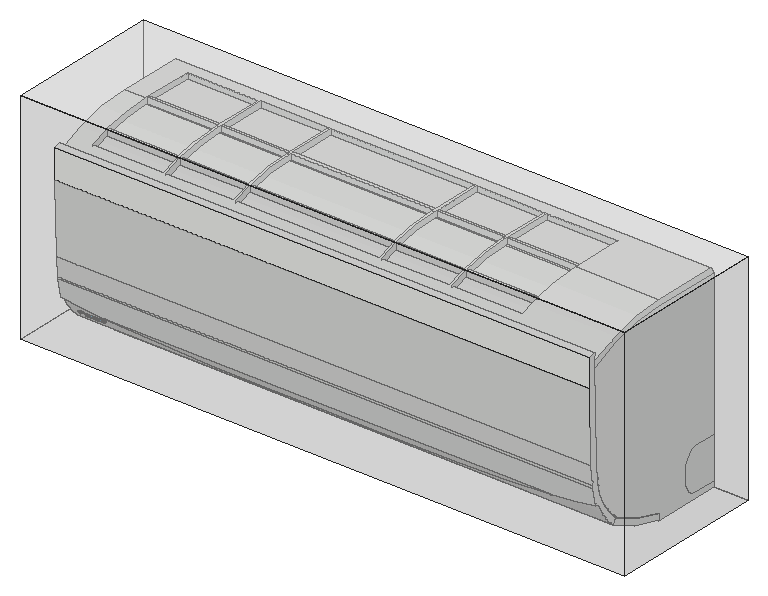
Revit family "outputfile", category 機械設備, Revit 2024
Family settings
  丸型コネクタ寸法 = 半径を使用
  パーツ タイプ = 標準
  OmniClass 番号 = 23.75.10.24.21.27.27
  OmniClass タイトル = Split System Air Conditioning Units
  作業面ベース = いいえ
  常に垂直 = はい
  ロード時にボイドで切り取り = いいえ
  注釈の向きを維持 = いいえ
  共有 = いいえ
  部屋計算ポイント = いいえ
Parameters (values of type "CTKC15RVM4")
  Description = ""
  書き出し IFC クラス(タイプ) = "IfcUnitaryEquipmentType"
  定義済み IFC タイプ(タイプ) = "AIRCONDITIONINGUNIT"
  Cost = 0
  Type Comments = ""
  Keynote = ""
  Type Image = (empty or 0)
  Assembly Code = ""
  w_wall hole = if(Width = 770.0 mm, 48.0 mm, 60.0 mm)  # 48.0 mm
  製造元 = "Daikin"
  モデル = "CTKC15RVM4"
  switch_frequency = yes
  r_Liquid Pipe Size = Liquid Pipe Size / 2  # 3.2 mm
  r_Gas Pipe Size = Gas Pipe Size / 2  # 4.75 mm
  r_Drain Pipe Size = Drain Pipe Size / 2  # 8.0 mm
  lw_powersupply [instance] = if(Width = 770.0 mm, if(or(Rear Right Connection_refrigerant, Bottom Right Connection_refrigerant), 25.0 mm, if(or(Rear Left Connection_refrigerant, Bottom Left Connection_refrigerant), 745.0 mm, 400.0 mm)), if(Width = 990.0 mm, if(or(Rear Right Connection_refrigerant, Bottom Right Connection_refrigerant), 40.0 mm, if(or(Rear Left Connection_refrigerant, Bottom Left Connection_refrigerant), 920.0 mm, 400.0 mm)), if(or(Rear Right Connection_refrigerant, Bottom Right Connection_refrigerant), 40.0 mm, if(or(Rear Left Connection_refrigerant, Bottom Left Connection_refrigerant), 920.0 mm, 400.0 mm))))  # 400.0 mm
  lw_liquidpipe [instance] = if(Width = 770.0 mm, if(or(Rear Right Connection_refrigerant, Bottom Right Connection_refrigerant), 0.0 mm, if(or(Rear Left Connection_refrigerant, Bottom Left Connection_refrigerant), 664.0 mm, 385.0 mm)), if(Width = 990.0 mm, if(or(Rear Right Connection_refrigerant, Bottom Right Connection_refrigerant), 0.0 mm, if(or(Rear Left Connection_refrigerant, Bottom Left Connection_refrigerant), 664.0 mm + (990.0 mm - 770.0 mm), 475.0 mm)), if(or(Rear Right Connection_refrigerant, Bottom Right Connection_refrigerant), 0.0 mm, if(or(Rear Left Connection_refrigerant, Bottom Left Connection_refrigerant), 664.0 mm + (990.0 mm - 770.0 mm), 475.0 mm))))  # 385.0 mm
  lw_gaspipe [instance] = if(Width = 770.0 mm, if(or(Rear Right Connection_refrigerant, Bottom Right Connection_refrigerant), 0.0 mm, if(or(Rear Left Connection_refrigerant, Bottom Left Connection_refrigerant), 675.0 mm, if(Gas Pipe Size = 12.7 mm, 345.0 mm, 335.0 mm))), if(Width = 990.0 mm, if(or(Rear Right Connection_refrigerant, Bottom Right Connection_refrigerant), 10.0 mm, if(or(Rear Left Connection_refrigerant, Bottom Left Connection_refrigerant), 890.0 mm, if(Gas Pipe Size = 15.9 mm, 410.0 mm, 400.0 mm))), if(or(Rear Right Connection_refrigerant, Bottom Right Connection_refrigerant), 10.0 mm, if(or(Rear Left Connection_refrigerant, Bottom Left Connection_refrigerant), 890.0 mm, if(Gas Pipe Size = 15.9 mm, 410.0 mm, 400.0 mm)))))  # 335.0 mm
  lw_drainpipe [instance] = if(Width = 770.0 mm, if(or(Rear Right Connection_refrigerant, Bottom Right Connection_refrigerant), 0.0 mm, if(or(Rear Left Connection_refrigerant, Bottom Left Connection_refrigerant), 770.0 mm - 48.0 mm - 48.0 mm, 440.0 mm)), if(Width = 990.0 mm, if(or(Rear Right Connection_refrigerant, Bottom Right Connection_refrigerant), 0.0 mm, if(or(Rear Left Connection_refrigerant, Bottom Left Connection_refrigerant), 675.0 mm + (990.0 mm - 770.0 mm), 435.0 mm)), if(or(Rear Right Connection_refrigerant, Bottom Right Connection_refrigerant), 0.0 mm, if(or(Rear Left Connection_refrigerant, Bottom Left Connection_refrigerant), 675.0 mm + (990.0 mm - 770.0 mm), 435.0 mm))))  # 440.0 mm
  l_powersupply_length [instance] = if(Width = 770.0 mm, if(Right Connection_refrigerant, 400.0 mm, if(Left Connection_refrigerant, 770.0 mm - 400.0 mm, if(or(Rear Left Connection_refrigerant, Rear Right Connection_refrigerant), 15.0 mm, 50.0 mm))), if(Width = 990.0 mm, if(Right Connection_refrigerant, 400.0 mm, if(Left Connection_refrigerant, 990.0 mm - 400.0 mm, if(or(Rear Left Connection_refrigerant, Rear Right Connection_refrigerant), 15.0 mm, 50.0 mm))), if(Right Connection_refrigerant, 400.0 mm, if(Left Connection_refrigerant, 990.0 mm - 400.0 mm, if(or(Rear Left Connection_refrigerant, Rear Right Connection_refrigerant), 15.0 mm, 50.0 mm)))))  # 400.0 mm
  l_liquidpipe_length [instance] = if(Width = 770.0 mm, if(Right Connection_refrigerant, 433.0 mm, if(Left Connection_refrigerant, 337.0 mm, if(or(Rear Left Connection_refrigerant, Rear Right Connection_refrigerant), 30.0 mm, 40.0 mm))), if(Width = 990.0 mm, if(Right Connection_refrigerant, 535.0 mm, if(Left Connection_refrigerant, 455.0 mm, if(or(Rear Left Connection_refrigerant, Rear Right Connection_refrigerant), 30.0 mm, 40.0 mm))), if(Right Connection_refrigerant, 535.0 mm, if(Left Connection_refrigerant, 455.0 mm, if(or(Rear Left Connection_refrigerant, Rear Right Connection_refrigerant), 30.0 mm, 40.0 mm)))))  # 433.0 mm
  l_gaspipe_length [instance] = if(Width = 770.0 mm, if(Right Connection_refrigerant, if(Gas Pipe Size = 12.7 mm, 393.0 mm, 383.0 mm), if(Left Connection_refrigerant, if(Gas Pipe Size = 12.7 mm, 770.0 mm - 393.0 mm, 770.0 mm - 383.0 mm), if(or(Rear Left Connection_refrigerant, Rear Right Connection_refrigerant), 40.0 mm, 50.0 mm))), if(Width = 990.0 mm, if(Right Connection_refrigerant, if(Gas Pipe Size = 15.9 mm, 470.0 mm, 460.0 mm), if(Left Connection_refrigerant, if(Gas Pipe Size = 15.9 mm, 990.0 mm - 470.0 mm, 990.0 mm - 460.0 mm), if(or(Rear Left Connection_refrigerant, Rear Right Connection_refrigerant), 40.0 mm, 50.0 mm))), if(Right Connection_refrigerant, if(Gas Pipe Size = 15.9 mm, 470.0 mm, 460.0 mm), if(Left Connection_refrigerant, if(Gas Pipe Size = 15.9 mm, 990.0 mm - 470.0 mm, 990.0 mm - 460.0 mm), if(or(Rear Left Connection_refrigerant, Rear Right Connection_refrigerant), 40.0 mm, 50.0 mm)))))  # 383.0 mm
  l_drainpipe_length [instance] = if(Width = 770.0 mm, if(Right Connection_refrigerant, 488.0 mm, if(Left Connection_refrigerant, 282.0 mm, if(or(Rear Left Connection_refrigerant, Rear Right Connection_refrigerant), 15.0 mm, 20.0 mm))), if(Width = 990.0 mm, if(Right Connection_refrigerant, 495.0 mm, if(Left Connection_refrigerant, 495.0 mm, if(or(Rear Left Connection_refrigerant, Rear Right Connection_refrigerant), 15.0 mm, 20.0 mm))), if(Right Connection_refrigerant, 495.0 mm, if(Left Connection_refrigerant, 495.0 mm, if(or(Rear Left Connection_refrigerant, Rear Right Connection_refrigerant), 15.0 mm, 20.0 mm)))))  # 488.0 mm
  h*** = 0.0 mm  # constant formula
  connector_voltage = Voltage_50Hz  # 230 V
  connector_powerinput = [Power Input (Cooling)]  # 0.000 kW
  connector_phase = Phase_50Hz  # 1
  angle_vertical [instance] = if(or(Bottom Left Connection_refrigerant, Bottom Right Connection_refrigerant), 0.00°, 90.00°)  # 90.00°
  angle_horizontal [instance] = if(Right Connection_refrigerant, 90.00°, if(Left Connection_refrigerant, -90.00°, if(or(Rear Left Connection_refrigerant, Rear Right Connection_refrigerant), 180.00°, 0.00°)))  # 90.00°
  Width = 770.0 mm
  Voltage_comment_50Hz = "220 - 240"
  Voltage_50Hz = 230 V
  Version = "ver.1.0"
  Unit Type = "Wall Mounted"
  Unit Mass Weight = 8.00 kg
  Unit Designation [instance] = ""
  Uniclass2015Version = "Products v1.30"
  Uniclass2015Title = "Split coil room air conditioning units"
  Uniclass2015Code = "Pr_70_65_03_86"
  URL = ""
  Total Cooling Capacity [instance] = 0.000 kW
  Sound Pressure Level_M speed (dBA) = 33
  Sound Pressure Level_L speed (dBA) = 25
  Sound Pressure Level_H speed (dBA) = 38
  Sound Power Level_H speed (dB) = 0
  Series = "Multi Split_Fan Coil Unit"
  Sensible Cooling Capacity [instance] = 0.000 kW
  Refrigerant Type = "R32"
  Power Input (Cooling) = 0.000 kW
  Phase_50Hz = 1
  Option Accessory 3 [instance] = ""
  Option Accessory 2 [instance] = ""
  Option Accessory 1 [instance] = ""
  Nominal Cooling Capacity = 1.500 kW
  Minimum Circuit Amps_50Hz = 0.0 A
  Minimum Airflow = 390.00 m³/h
  Median Airflow = 534.00 m³/h
  Maximum Fuse Amps_50Hz = 0.0 A
  Maximum Airflow = 630.00 m³/h
  Material_Casing = DAIKIN_White_Casing_indoorunit
  Load Classification = HVAC
  Liquid Pipe Size = 6.4 mm
  Link_Nested Family [instance] = ""
  IfcVersion = ""
  IfcExportType = "AIRCONDITIONINGUNIT"
  IfcExportAs = "IfcUnitaryEquipmentType"
  Height = 285.0 mm
  Heat Exchanger Type = "Cross Fin Coil"
  Gas Pipe Size = 9.5 mm
  Frequency_50Hz = 50 Hz
  Fan Type = "Cross Flow Fan"
  Fan Drive = "Direct Drive"
  FCU Tag No. [instance] = ""
  Drain Pipe Size = 16.0 mm
  Design Supply Airflow [instance] = 0.00 m³/h
  Depth = 223.0 mm
  既定の高さ = 0.0 mm
  Cooling Entering Wet Bulb Temperature [instance] = 0.00 °C
  Cooling Entering Dry Bulb Temperature [instance] = 0.00 °C
  Cooling Ambient Wet Bulb Temperature [instance] = 0.00 °C
  Cooling Ambient Dry Bulb Temperature [instance] = 0.00 °C
  Clearance visibility [instance] = yes
  Clearance Top = 30.0 mm
  Clearance Right = 50.0 mm
  Clearance Rear = 0.0 mm
  Clearance Left = 50.0 mm
  Clearance Front = 0.0 mm
  Clearance Bottom = 0.0 mm
  Bottom Right Connection_refrigerant [instance] = no
  Bottom Left Connection_refrigerant [instance] = no
  Rear Right Connection_refrigerant [instance] = no
  Rear Left Connection_refrigerant [instance] = no
  Right Connection_refrigerant [instance] = yes
  Left Connection_refrigerant [instance] = no
Reference planes
  plane 1 "Back": y = 0
  plane 2: z = 0
  plane 3 "Center (Left/Right)": x = 0
  plane 4 "Center (Front/Back)": y = -111.5
  plane 5 "Front": y = -223
  plane 6 "Left": x = -385
  plane 7 "Right": x = 385
  plane 8 "Top": z = 0
  plane 9 "Bottom": z = -285
  plane 10: x = -435
  plane 11: x = 435
  plane 12: y = 0
  plane 13: y = -223
  plane 14: z = 30
  plane 15: z = -285
  plane 16 "lw_Piping and Wiring intake": x = 337
  plane 17 "lw_gaspipe": x = 2
  plane 18 "lw_liquidpipe": x = -48
  plane 19 "lw_drainpipe": x = -103
  plane 20 "lh_drainpipe": z = -265
  plane 21 "lh_liquidpipe": z = -245
  plane 22 "lh_gaspipe": z = -235
  plane 23 "ld_drainpipe": y = -15
  plane 24 "ld_liquidpipe": y = -30
  plane 25 "ld_gaspipe": y = -40
  plane 26 "lw_powersupply": x = -15
Dimensions and locks
  equal spacing: plane 6 "Left", plane 3 "Center (Left/Right)", plane 7 "Right"
  "Width": plane 6 "Left" to plane 7 "Right"
  equal spacing: plane 5 "Front", plane 4 "Center (Front/Back)", plane 1 "Back"
  "Depth": plane 5 "Front" to plane 1 "Back"
  "Height": plane 8 "Top" to plane 9 "Bottom"
  "Clearance Rear": plane 12 to plane 1 "Back"
  "Clearance Front": plane 13 to plane 5 "Front"
  "Clearance Top": plane 14 to plane 8 "Top"
  "Clearance Bottom": plane 9 "Bottom" to plane 15
  "w_wall hole": plane 16 "lw_Piping and Wiring intake" to plane 7 "Right"
  "lw_gaspipe": plane 17 "lw_gaspipe" to plane 16 "lw_Piping and Wiring intake"
  "lw_liquidpipe": plane 18 "lw_liquidpipe" to plane 16 "lw_Piping and Wiring intake"
  "lw_drainpipe": plane 19 "lw_drainpipe" to plane 16 "lw_Piping and Wiring intake"
  locked: plane 20 "lh_drainpipe" to plane 9 "Bottom" at 20
  locked: plane 21 "lh_liquidpipe" to plane 9 "Bottom" at 40
  locked: plane 22 "lh_gaspipe" to plane 9 "Bottom" at 50
  locked: plane 23 "ld_drainpipe" to plane 1 "Back" at 15
  locked: plane 1 "Back" to plane 24 "ld_liquidpipe" at 30
  locked: plane 1 "Back" to plane 25 "ld_gaspipe" at 40
  "lw_powersupply": plane 26 "lw_powersupply" to plane 7 "Right"
  "Clearance Right": plane 7 "Right" to plane 11
  "Clearance Left": plane 10 to plane 6 "Left"
  aligned and locked: level to plane 2
  aligned and locked: plane 12 to nested 1
  aligned and locked: nested 1 to plane 13
  aligned and locked: plane 10 to nested 1
  aligned and locked: plane 11 to nested 1
  aligned and locked: plane 15 to nested 1
  aligned and locked: plane 14 to nested 1
  aligned and locked: plane 17 "lw_gaspipe" to nested 2
  aligned and locked: nested 2 to plane 25 "ld_gaspipe"
  aligned and locked: plane 18 "lw_liquidpipe" to nested 3
  aligned and locked: nested 3 to plane 24 "ld_liquidpipe"
  aligned and locked: plane 19 "lw_drainpipe" to nested 4
  aligned and locked: nested 4 to plane 23 "ld_drainpipe"
  aligned and locked: nested 5 to plane 23 "ld_drainpipe"
  aligned and locked: plane 26 "lw_powersupply" to nested 5
  aligned and locked: level to plane 8 "Top"
  aligned and locked: plane 3 "Center (Left/Right)" to nested 6
  aligned and locked: plane 1 "Back" to nested 6
  aligned and locked: plane 8 "Top" to nested 6
Nested families
  nested 1: "daikin_clearancespace" at (0, -111.5, -127.381), show <- "Clearance visibility", visible <- "Clearance visibility", Link_Nested Family <- "Link_Nested Family", type "daikin_clearancespace"
    with width 870.0 mm, show yes, height 315.0 mm, depth 223.0 mm, Link_Nested Family ""
  nested 2: "daikin_connector_rotate3" at (2, -40, -235), angle_vertical <- "angle_vertical", angle_horizontal <- "angle_horizontal", length <- "l_gaspipe_length", radius <- "r_Gas Pipe Size", type "daikin_connector_rotate3"
    with show no, radius 4.75 mm, length 383.0 mm, angle_vertical 90.00°, angle_horizontal 90.00°
  nested 3: "daikin_connector_rotate3" at (-48, -30, -245), angle_vertical <- "angle_vertical", angle_horizontal <- "angle_horizontal", radius <- "r_Liquid Pipe Size", length <- "l_liquidpipe_length", type "daikin_connector_rotate3"
    with show no, radius 3.2 mm, length 433.0 mm, angle_vertical 90.00°, angle_horizontal 90.00°
  nested 4: "daikin_connector_rotate3" at (-103, -15, -265), angle_vertical <- "angle_vertical", angle_horizontal <- "angle_horizontal", length <- "l_drainpipe_length", radius <- "r_Drain Pipe Size", type "daikin_connector_rotate3"
    with show no, radius 8.0 mm, length 488.0 mm, angle_vertical 90.00°, angle_horizontal 90.00°
  nested 5: "daikin_connector_rotate3" at (-15, -15, -235), angle_vertical <- "angle_vertical", angle_horizontal <- "angle_horizontal", length <- "l_powersupply_length", type "daikin_connector_rotate3"
    with show no, radius 10.0 mm, length 400.0 mm, angle_vertical 90.00°, angle_horizontal 90.00°
  nested 6: "DAIKIN_indoorunit_CTKC-RVM4" at (-31, 0, 0), type "CTKC-RVM4"
Connectors
  piping at (385, -40, -235), diameter 9.5, driven by "r_Gas Pipe Size"
    settings: on nested 2, index 1, connector inside diameter 609.6 mm, connector length 0.0 mm, flow factor 0, pipe flow 0.00 m³/h, pressure drop 0.0 Pa, fitting loss kfactor 0, connector angle 0.00°, fixture units 0, engagement length 0.0 mm, angle of deflection 0.00°, flow configuration 1, flow direction 2, fitting loss method 0, system type 29, joint type 0, gender type 0, connector reference index -1, connector utility 0, adjustable connector no, is connector primary yes, connector description "Refrigerant Gas Piping"
  piping at (385, -30, -245), diameter 6.4, driven by "r_Liquid Pipe Size"
    settings: on nested 3, index 2, connector inside diameter 609.6 mm, connector length 0.0 mm, flow factor 0, pipe flow 0.00 m³/h, pressure drop 0.0 Pa, fitting loss kfactor 0, connector angle 0.00°, fixture units 0, engagement length 0.0 mm, angle of deflection 0.00°, flow configuration 1, flow direction 1, fitting loss method 0, system type 29, joint type 0, gender type 0, connector reference index -1, connector utility 0, adjustable connector no, is connector primary no, connector description "Refrigerant Liquid Piping"
  piping at (385, -15, -265), diameter 16, driven by "r_Drain Pipe Size"
    settings: on nested 4, index 3, connector inside diameter 609.6 mm, connector length 0.0 mm, flow factor 0, pipe flow 0.00 m³/h, pressure drop 0.0 Pa, fitting loss kfactor 0, connector angle 0.00°, fixture units 0, engagement length 0.0 mm, angle of deflection 0.00°, flow configuration 1, flow direction 2, fitting loss method 4, system type 16, joint type 0, gender type 0, connector reference index -1, connector utility 0, adjustable connector no, is connector primary no, connector description "Condensate Drain Piping"
  electrical at (385, -15, -235), driven by "Load Classification", driven by "connector_voltage", driven by "connector_powerinput", driven by "connector_phase"
    settings: on nested 5, index 4, voltage 230 V, apparent load 0 VA, apparent load phase1 0 VA, apparent load phase2 0 VA, apparent load phase3 0 VA, power factor 1, load classification "HVAC", number of poles 1, system type 30, power factor state 1, is connector primary yes, connector utility no, sub classification motor no, connector description "Power Supply"
Definition of nested family "daikin_clearancespace"
  Parameters (values of type "daikin_clearancespace")
    Description = "daikin_clearancespace"
    width [instance] = 1823.963 mm
    show [instance] = yes
    material = none
    height [instance] = 1359.762 mm
    depth [instance] = 880.0 mm
    Default Elevation = 0.0 mm
    Link_Nested Family [instance] = ""
  Reference planes
    plane 1 "Center (Front/Back)": y = 0
    plane 2 "Center (Elevation)": z = -0.119
    plane 3 "Center (Left/Right)": x = 0
    plane 4: y = 440
    plane 5: y = -440
    plane 6 "Right": x = 911.982
    plane 7 "Left": x = -911.982
    plane 8 "Top": z = 679.762
    plane 9 "Bottom": z = -680
  Forms (mm)
    Extrusion 1, solid, material <- "material", visible <- "show"
      sketch origin (0, 0, 0) x (1, 0, 0) y (0, 1, 0)
        loop
          line (-911.982, 440) -> (-911.982, -440) -> (911.982, -440) -> (911.982, 440) -> (-911.982, 440)
      from -680 to 679.762
  Lines and regions (mm)
    symbolic lines, visible <- "show"
      curve 1: line (911.982, 440, 0) -> (-911.982, 440, 0)
      curve 2: line (-911.982, 440, 0) -> (-911.982, -440, 0)
      curve 3: line (-911.982, -440, 0) -> (911.982, -440, 0)
      curve 4: line (911.982, -440, 0) -> (911.982, 440, 0)
      curve 5: line (911.982, 0, 679.762) -> (-911.982, 0, 679.762)
      curve 6: line (911.982, 0, -680) -> (911.982, 0, 679.762)
      curve 7: line (-911.982, 0, -680) -> (911.982, 0, -680)
      curve 8: line (-911.982, 0, 679.762) -> (-911.982, 0, -680)
      curve 9: line (0, 440, 679.762) -> (0, -440, 679.762)
      curve 10: line (0, -440, 679.762) -> (0, -440, -680)
      curve 11: line (0, 440, -680) -> (0, 440, 679.762)
      curve 12: line (0, -440, -680) -> (0, 440, -680)
  Dimensions and locks
    "width": plane 7 "Left" to plane 6 "Right"
    "depth": plane 4 to plane 5
    "height": plane 8 "Top" to plane 9 "Bottom"
    equal spacing: plane 7 "Left", plane 3 "Center (Left/Right)", plane 6 "Right"
    equal spacing: plane 4, plane 1 "Center (Front/Back)", plane 5
    equal spacing: plane 8 "Top", plane 2 "Center (Elevation)", plane 9 "Bottom"
    aligned and locked: level to plane 2 "Center (Elevation)"
    aligned and locked: Extrusion 1 sketch curve to plane 4
    aligned and locked: plane 7 "Left" to Extrusion 1 sketch curve
    aligned and locked: Extrusion 1 sketch curve to plane 5
    aligned and locked: Extrusion 1 sketch curve to plane 6 "Right"
    aligned and locked: plane 8 "Top" to Extrusion 1
    aligned and locked: curve 1 to Extrusion 1
    aligned and locked: curve 2 to Extrusion 1
    aligned and locked: curve 3 to Extrusion 1
    aligned and locked: curve 4 to Extrusion 1
    aligned and locked: curve 5 to Extrusion 1
    aligned and locked: curve 6 to Extrusion 1
    aligned and locked: curve 7 to Extrusion 1
    aligned and locked: curve 8 to Extrusion 1
    aligned and locked: curve 9 to Extrusion 1
    aligned and locked: curve 10 to Extrusion 1
    aligned and locked: curve 11 to Extrusion 1
    aligned and locked: curve 12 to Extrusion 1
    aligned and locked: Extrusion 1 to plane 9 "Bottom"
Definition of nested family "DAIKIN_indoorunit_CTKC-RVM4"
  Parameters (values of type "FTKM-QVMA")
    Material_Casing = none
    Default Elevation = 0.0 mm
  Reference planes
    plane 1 "Center (Front/Back)": y = 0
    plane 2 "reference_level": z = 0
    plane 3 "Center (Left/Right)": x = 31
    plane 4: x = -354
    plane 5: x = 416
    plane 6: z = -285
  Forms (mm)
    Extrusion 1, solid, material <- "Material_Casing"
      sketch origin (29, 0, 0) x (0, 1, 0) y (0, 0, 1)
        loop
          line (-5, 0) -> (-98, 0)
          arc (-98, 0) -> (-157.611, -7.211) -> (-213.783, -28.427) r 250
          arc (-213.783, -28.427) -> (-213.842, -32.972) -> (-213.892, -37.516) r 2191
          arc (-213.892, -37.516) -> (-157.832, -15.495) -> (-98.07, -8) r 242
          line (-98.07, -8) -> (0, -8) -> (-5, 0)
      from -383 to 387
    Extrusion 2, solid, material <- "Material_Casing"
      sketch origin (416, 1296.25, 1200) x (0, 1, 0) y (0, 0, 1)
        loop
          line (-1472.998, -1446.91) -> (-1476.998, -1453.839)
          arc (-1476.998, -1453.839) -> (-1437.481, -1472.422) -> (-1395.25, -1483.538) r 240
          line (-1395.25, -1483.538) -> (-1395.25, -1475.422)
          arc (-1395.25, -1475.422) -> (-1435.407, -1464.663) -> (-1472.998, -1446.91) r 232
      from 0 to -47.5
    Extrusion 3, solid, material <- "Material_Casing"
      sketch origin (29, 0, 0) x (0, 1, 0) y (0, 0, 1)
        loop
          arc (-223, -60.455) -> (-222.414, -110.646) -> (-220.656, -160.81) r 2149.92
          arc (-220.656, -160.81) -> (-219.65, -174.299) -> (-217.853, -187.706) r 229.911
          arc (-217.853, -187.706) -> (-205.371, -223.594) -> (-181.517, -253.17) r 111
          line (-181.517, -253.17) -> (-177.429, -246.093)
          arc (-177.429, -246.093) -> (-198.77, -218.989) -> (-209.965, -186.36) r 103
          arc (-209.965, -186.36) -> (-211.681, -173.586) -> (-212.651, -160.735) r 221.844
          arc (-212.651, -160.735) -> (-214.739, -93.233) -> (-214.74, -25.699) r 2186.828
          arc (-214.74, -25.699) -> (-214.671, -21.467) -> (-214.594, -17.235) r 2192
          line (-214.594, -17.235) -> (-223, -19.961) -> (-223, -60.455)
      from -383 to 387
    Extrusion 4, solid, material <- "Material_Casing"
      sketch origin (29, 0, 0) x (0, 1, 0) y (0, 0, 1)
        loop
          line (-181.517, -253.17) -> (-179.597, -249.846)
          arc (-179.597, -249.846) -> (-202.009, -221.399) -> (-213.189, -186.952) r 103
          line (-213.189, -186.952) -> (-217.853, -187.706)
          arc (-217.853, -187.706) -> (-217.533, -189.556) -> (-217.182, -191.4) r 111
          arc (-217.182, -191.4) -> (-213.806, -208.181) -> (-210.362, -224.948) r 4257.809
          arc (-210.362, -224.948) -> (-198.886, -237.857) -> (-186.225, -249.607) r 180
          line (-186.225, -249.607) -> (-181.517, -253.17)
      from -383 to 387
    Extrusion 5, solid, material <- "Material_Casing"
      sketch origin (29, 0, -20) x (0, 1, 0) y (0, 0, 1)
        loop
          line (0, -265) -> (0, 12) -> (-98.07, 12)
          arc (-98.07, 12) -> (-157.832, 4.505) -> (-213.892, -17.516) r 242
          arc (-213.892, -17.516) -> (-213.638, -79.114) -> (-211.653, -140.681) r 2191
          arc (-211.653, -140.681) -> (-210.685, -153.501) -> (-208.973, -166.243) r 221
          arc (-208.973, -166.243) -> (-197.471, -199.282) -> (-175.482, -226.491) r 102
          arc (-175.482, -226.491) -> (-138.004, -244.019) -> (-98, -254.579) r 231
          line (-98, -254.579) -> (-98, -265) -> (0, -265)
      from -383 to 387
    Extrusion 6, solid, material <- "Material_Casing"
      sketch origin (-354, 1296.25, 1200) x (0, 1, 0) y (0, 0, 1)
        loop
          line (-1472.998, -1446.91) -> (-1476.998, -1453.839)
          arc (-1476.998, -1453.839) -> (-1437.481, -1472.422) -> (-1395.25, -1483.538) r 240
          line (-1395.25, -1483.538) -> (-1395.25, -1475.422)
          arc (-1395.25, -1475.422) -> (-1435.407, -1464.663) -> (-1472.998, -1446.91) r 232
      from 47 to 0
    Extrusion 7, solid, material <- "Material_Casing"
      sketch origin (416, 1296.25, 1200) x (0, 1, 0) y (0, 0, 1)
        loop
          line (-1472.998, -1446.91) -> (-1476.998, -1453.839)
          arc (-1476.998, -1453.839) -> (-1443.437, -1470.168) -> (-1407.75, -1481.097) r 240
          line (-1407.75, -1481.097) -> (-1407.75, -1472.894)
          arc (-1407.75, -1472.894) -> (-1441.363, -1462.385) -> (-1472.998, -1446.91) r 232
      from -116.993 to -48.493
    Extrusion 8, solid, material <- "Material_Casing"
      sketch origin (416, 1296.25, 1200) x (0, 1, 0) y (0, 0, 1)
        loop
          line (-1472.998, -1446.91) -> (-1476.998, -1453.839)
          arc (-1476.998, -1453.839) -> (-1443.437, -1470.168) -> (-1407.75, -1481.097) r 240
          line (-1407.75, -1481.097) -> (-1407.75, -1472.894)
          arc (-1407.75, -1472.894) -> (-1441.363, -1462.385) -> (-1472.998, -1446.91) r 232
      from -717 to -121.993
    Extrusion 9, void
      sketch origin (31, 0, -235) x (1, 0, 0) y (0, 1, 0)
        loop
          line (-252.674, -22.316) -> (-354.941, -22.316) -> (-354.941, -91.341) -> (-252.674, -91.341) -> (-252.674, -22.316)
        loop
          line (-249.341, -91.341) -> (-151.574, -91.341) -> (-151.574, -22.316) -> (-249.341, -22.316) -> (-249.341, -91.341)
        loop
          line (58.309, -22.316) -> (-148.309, -22.316) -> (-148.309, -91.341) -> (58.309, -91.341) -> (58.309, -22.316)
        loop
          line (61.689, -22.316) -> (61.689, -91.341) -> (159.457, -91.341) -> (159.457, -22.316) -> (61.689, -22.316)
        loop
          line (162.789, -22.316) -> (162.789, -91.341) -> (265.057, -91.341) -> (265.057, -22.316) -> (162.789, -22.316)
        loop
          line (-354.941, -94.659) -> (-354.941, -165.259) -> (-252.674, -165.259) -> (-252.674, -94.659) -> (-354.941, -94.659)
        loop
          line (-249.341, -94.659) -> (-249.341, -165.259) -> (-151.574, -165.259) -> (-151.574, -94.659) -> (-249.341, -94.659)
        loop
          line (-148.309, -94.659) -> (-148.309, -165.259) -> (58.309, -165.259) -> (58.309, -94.659) -> (-148.309, -94.659)
        loop
          line (61.689, -94.659) -> (61.689, -165.259) -> (159.457, -165.259) -> (159.457, -94.659) -> (61.689, -94.659)
        loop
          line (162.789, -94.659) -> (162.789, -165.259) -> (265.057, -165.259) -> (265.057, -94.659) -> (162.789, -94.659)
        loop
          line (-354.941, -167.382) -> (-354.941, -192.681) -> (-252.674, -192.681) -> (-252.674, -167.382) -> (-354.941, -167.382)
        loop
          line (-249.341, -167.382) -> (-249.341, -192.681) -> (-151.574, -192.681) -> (-151.574, -167.382) -> (-249.341, -167.382)
        loop
          line (-148.309, -167.382) -> (-148.309, -192.681) -> (58.309, -192.681) -> (58.309, -167.382) -> (-148.309, -167.382)
        loop
          line (159.457, -167.382) -> (61.689, -167.382) -> (61.689, -192.681) -> (159.457, -192.681) -> (159.457, -167.382)
        loop
          line (265.057, -167.382) -> (162.789, -167.382) -> (162.789, -192.681) -> (265.057, -192.681) -> (265.057, -167.382)
      from 201.638 to 250
    Extrusion 10, void
      sketch origin (31, 0, 0) x (1, 0, 0) y (0, 0, 1)
        loop
          arc (597, -174.907) -> (0.056, -245.263) -> (-597, -175.856) r 2585.042
          line (-597, -175.856) -> (-597, -352.872) -> (597, -352.872) -> (597, -174.907)
      from 173 to 315.3
    Extrusion 11, solid, material <- "Material_Casing"
      sketch origin (31, 0, 0) x (1, 0, 0) y (0, 0, 1)
        loop
          circle (337, -240.5) r 32.5
        loop
          circle (-337, -240.5) r 32.5
      from 0 to 5
    Extrusion 12, solid, material <- "Material_Casing"
      sketch origin (416, 1296.25, 1200) x (0, -1, 0) y (0, 0, 1)
        loop
          line (1326.25, -1417) -> (1296.25, -1417) -> (1296.25, -1477) -> (1326.25, -1477)
          arc (1326.25, -1477) -> (1340.393, -1471.142) -> (1346.25, -1457) r 20
          line (1346.25, -1457) -> (1346.25, -1437)
          arc (1346.25, -1437) -> (1340.393, -1422.858) -> (1326.25, -1417) r 20
      from 0 to 5
    Extrusion 13, solid, material <- "Material_Casing"
      sketch origin (-354, 1296.25, 1200) x (0, 1, 0) y (0, 0, 1)
        loop
          line (-1296.25, -1417) -> (-1326.25, -1417)
          arc (-1326.25, -1417) -> (-1340.393, -1422.858) -> (-1346.25, -1437) r 20
          line (-1346.25, -1437) -> (-1346.25, -1457)
          arc (-1346.25, -1457) -> (-1340.393, -1471.142) -> (-1326.25, -1477) r 20
          line (-1326.25, -1477) -> (-1296.25, -1477) -> (-1296.25, -1417)
      from 0 to 5
    Extrusion 14, solid, material <- "Material_Casing"
      sketch origin (31, 0, -285) x (-1, 0, 0) y (0, -1, 0)
        loop
          line (-314, 0) -> (-314, 30)
          arc (-314, 30) -> (-319.858, 44.142) -> (-334, 50) r 20
          line (-334, 50) -> (-354, 50)
          arc (-354, 50) -> (-368.142, 44.142) -> (-374, 30) r 20
          line (-374, 30) -> (-374, 0) -> (-314, 0)
        loop
          line (374, 0) -> (374, 30)
          arc (374, 30) -> (368.142, 44.142) -> (354, 50) r 20
          line (354, 50) -> (334, 50)
          arc (334, 50) -> (319.858, 44.142) -> (314, 30) r 20
          line (314, 30) -> (314, 0) -> (374, 0)
      from 0 to 5
  Cuts and joins
    Extrusion 9 cuts Extrusion 1
    Extrusion 10 cuts Extrusion 4
    joined: Extrusion 3, Extrusion 4
  Lines and regions (mm)
    reference lines
      curve 1: line (-523, -201.911, -229.404) -> (-523, -193.542, -239.977)
  Dimensions and locks
    locked: Extrusion 10 sketch curve to Extrusion 10 sketch curve at 1194
    Extrusion 10 sketch curve to Extrusion 10 sketch curve = 1194.0 mm
    locked: Extrusion 12 sketch curve to Extrusion 12 sketch curve at 60
    locked: Extrusion 12 sketch curve to Extrusion 12 sketch curve at 50
    locked: Extrusion 14 sketch curve to Extrusion 14 sketch curve at 60  (x2)
    locked: Extrusion 14 sketch curve to Extrusion 14 sketch curve at 50
    equal spacing: plane 5, plane 3 "Center (Left/Right)", plane 4
    plane 5 to plane 4 = 770.0 mm
    locked: Extrusion 11 sketch curve to plane 4 at 48
    plane 5 to Extrusion 11 sketch curve = 48.0 mm
    plane 2 "reference_level" to plane 6 = 285.0 mm
    locked: Extrusion 11 sketch curve to plane 6 at 44.5  (x2)
    locked: cut or joined group of Extrusion 3, Extrusion 4, Extrusion 10 to nested 1 at 15
    diameter of Extrusion 11 sketch curve = 65.0 mm  (x2)
    aligned and locked: level to plane 2 "reference_level"
    aligned and locked: nested 1 to curve 1
    aligned and locked: Extrusion 13 sketch curve to Extrusion 12  (x4)
    aligned and locked: Extrusion 14 sketch curve to Extrusion 14 sketch curve  (x2)
    aligned and locked: Extrusion 11 to plane 1 "Center (Front/Back)"
  Automatic sketch dimensions
    Extrusion 10 sketch curve to plane 3 "Center (Left/Right)" = 597.0 mm
    Extrusion 10 sketch curve to plane 3 "Center (Left/Right)" = 2.0 mm
    Extrusion 10 sketch curve to level = 352.872 mm
    Extrusion 10 sketch curve to level = 175.856 mm
    Extrusion 10 sketch curve to level = 174.907 mm
    curve 1 to level = 239.977 mm
    plane 1 "Center (Front/Back)" to curve 1 = 193.542 mm
    curve 1 to curve 1 = 10.573 mm
    curve 1 to curve 1 = 8.368 mm
    Extrusion 1 sketch curve to level = 0.0 mm
    Extrusion 1 sketch curve to plane 1 "Center (Front/Back)" = 0.0 mm
    plane 1 "Center (Front/Back)" to Extrusion 1 sketch curve = 5.0 mm
    plane 1 "Center (Front/Back)" to Extrusion 1 sketch curve = 98.0 mm
    Extrusion 1 sketch curve to Extrusion 1 sketch curve = 0.07 mm
    Extrusion 1 sketch curve to level = 59.292 mm
    Extrusion 1 sketch curve to plane 1 "Center (Front/Back)" = 1977.0 mm
    Extrusion 1 sketch curve to level = 250.0 mm
    Extrusion 1 sketch curve to Extrusion 1 sketch curve = 0.0 mm
    Extrusion 1 sketch curve to level = 8.0 mm
    Extrusion 1 sketch curve to level = 28.427 mm
    plane 1 "Center (Front/Back)" to Extrusion 2 sketch curve = 180.748 mm
    Extrusion 2 sketch curve to Extrusion 2 sketch curve = 4.0 mm
    Extrusion 2 sketch curve to Extrusion 2 sketch curve = 77.747 mm
    plane 1 "Center (Front/Back)" to Extrusion 2 sketch curve = 59.279 mm
    Extrusion 2 sketch curve to Extrusion 2 sketch curve = 0.0 mm
    Extrusion 2 sketch curve to level = 283.538 mm
    Extrusion 2 sketch curve to Extrusion 2 sketch curve = 8.116 mm
    Extrusion 2 sketch curve to Extrusion 2 sketch curve = 21.583 mm
    Extrusion 2 sketch curve to Extrusion 2 sketch curve = 6.929 mm
    Extrusion 3 sketch curve to level = 19.961 mm
    plane 1 "Center (Front/Back)" to Extrusion 3 sketch curve = 223.0 mm
    Extrusion 3 sketch curve to level = 17.235 mm
    Extrusion 3 sketch curve to Extrusion 3 sketch curve = 8.406 mm
    plane 1 "Center (Front/Back)" to Extrusion 3 sketch curve = 181.517 mm
    Extrusion 3 sketch curve to Extrusion 3 sketch curve = 4.087 mm
    Extrusion 3 sketch curve to Extrusion 3 sketch curve = 69.11 mm
    Extrusion 3 sketch curve to Extrusion 3 sketch curve = 0.001 mm
    Extrusion 3 sketch curve to plane 1 "Center (Front/Back)" = 8.955 mm
    Extrusion 3 sketch curve to Extrusion 3 sketch curve = 0.067 mm
    Extrusion 3 sketch curve to level = 60.455 mm
    Extrusion 3 sketch curve to Extrusion 3 sketch curve = 1917.898 mm
    Extrusion 3 sketch curve to Extrusion 3 sketch curve = 44.907 mm
    Extrusion 3 sketch curve to Extrusion 3 sketch curve = 5.172 mm
    Extrusion 3 sketch curve to level = 150.456 mm
    Extrusion 3 sketch curve to Extrusion 3 sketch curve = 0.006 mm
    Extrusion 3 sketch curve to Extrusion 3 sketch curve = 19.265 mm
    Extrusion 3 sketch curve to Extrusion 3 sketch curve = 0.004 mm
    Extrusion 3 sketch curve to Extrusion 3 sketch curve = 76.368 mm
    Extrusion 3 sketch curve to Extrusion 3 sketch curve = 7.077 mm
    Extrusion 3 sketch curve to Extrusion 3 sketch curve = 1.002 mm
    Extrusion 3 sketch curve to Extrusion 3 sketch curve = 0.046 mm
    Extrusion 3 sketch curve to Extrusion 3 sketch curve = 8.005 mm
    Extrusion 3 sketch curve to Extrusion 3 sketch curve = 0.147 mm
    Extrusion 3 sketch curve to Extrusion 3 sketch curve = 0.0 mm
    plane 1 "Center (Front/Back)" to Extrusion 4 sketch curve = 217.853 mm
    Extrusion 4 sketch curve to Extrusion 4 sketch curve = 4.664 mm
    Extrusion 4 sketch curve to Extrusion 4 sketch curve = 26.964 mm
    Extrusion 4 sketch curve to Extrusion 4 sketch curve = 4.708 mm
    Extrusion 4 sketch curve to Extrusion 4 sketch curve = 1.92 mm
    Extrusion 4 sketch curve to Extrusion 4 sketch curve = 68.441 mm
    Extrusion 4 sketch curve to Extrusion 4 sketch curve = 2.837 mm
    Extrusion 4 sketch curve to Extrusion 4 sketch curve = 38.066 mm
    level to Extrusion 4 sketch curve = 640.031 mm
    Extrusion 4 sketch curve to plane 1 "Center (Front/Back)" = 3958.661 mm
    Extrusion 4 sketch curve to level = 111.946 mm
    Extrusion 4 sketch curve to Extrusion 4 sketch curve = 57.779 mm
    Extrusion 4 sketch curve to Extrusion 4 sketch curve = 3.149 mm
    Extrusion 4 sketch curve to Extrusion 4 sketch curve = 14.078 mm
    Extrusion 4 sketch curve to Extrusion 4 sketch curve = 0.754 mm
    Extrusion 4 sketch curve to Extrusion 4 sketch curve = 0.239 mm
    Extrusion 4 sketch curve to Extrusion 4 sketch curve = 3.324 mm
    Extrusion 4 sketch curve to Extrusion 4 sketch curve = 0.0 mm
    Extrusion 5 sketch curve to plane 1 "Center (Front/Back)" = 0.0 mm
    plane 1 "Center (Front/Back)" to Extrusion 5 sketch curve = 59.278 mm
    Extrusion 5 sketch curve to Extrusion 5 sketch curve = 98.0 mm
    Extrusion 5 sketch curve to Extrusion 5 sketch curve = 0.0 mm  (x3)
    Extrusion 5 sketch curve to level = 8.0 mm
    Extrusion 5 sketch curve to Extrusion 5 sketch curve = 38.791 mm
    Extrusion 5 sketch curve to Extrusion 5 sketch curve = 10.249 mm
    Extrusion 5 sketch curve to plane 1 "Center (Front/Back)" = 9.11 mm
    Extrusion 5 sketch curve to level = 59.292 mm
    Extrusion 5 sketch curve to Extrusion 5 sketch curve = 1967.89 mm
    Extrusion 5 sketch curve to Extrusion 5 sketch curve = 142.454 mm
    Extrusion 5 sketch curve to Extrusion 5 sketch curve = 19.271 mm
    Extrusion 5 sketch curve to Extrusion 5 sketch curve = 80.275 mm
    Extrusion 5 sketch curve to Extrusion 5 sketch curve = 24.579 mm
    Extrusion 5 sketch curve to Extrusion 5 sketch curve = 10.421 mm
    Extrusion 5 sketch curve to level = 46.847 mm
    Extrusion 5 sketch curve to Extrusion 5 sketch curve = 77.412 mm
    Extrusion 5 sketch curve to Extrusion 5 sketch curve = 33.49 mm
    Extrusion 5 sketch curve to Extrusion 5 sketch curve = 2.68 mm
    plane 1 "Center (Front/Back)" to Extrusion 6 sketch curve = 180.748 mm
    Extrusion 6 sketch curve to Extrusion 6 sketch curve = 4.0 mm
    Extrusion 6 sketch curve to Extrusion 6 sketch curve = 77.747 mm
    plane 1 "Center (Front/Back)" to Extrusion 6 sketch curve = 59.279 mm
    Extrusion 6 sketch curve to Extrusion 6 sketch curve = 0.0 mm
    Extrusion 6 sketch curve to level = 283.538 mm
    Extrusion 6 sketch curve to Extrusion 6 sketch curve = 8.116 mm
    Extrusion 6 sketch curve to Extrusion 6 sketch curve = 21.583 mm
    Extrusion 6 sketch curve to Extrusion 6 sketch curve = 6.929 mm
    plane 1 "Center (Front/Back)" to Extrusion 7 sketch curve = 180.748 mm
    Extrusion 7 sketch curve to Extrusion 7 sketch curve = 4.0 mm
    Extrusion 7 sketch curve to Extrusion 7 sketch curve = 65.247 mm
    plane 1 "Center (Front/Back)" to Extrusion 7 sketch curve = 59.279 mm
    Extrusion 7 sketch curve to Extrusion 7 sketch curve = 0.0 mm
    Extrusion 7 sketch curve to level = 281.097 mm
    Extrusion 7 sketch curve to Extrusion 7 sketch curve = 8.203 mm
    Extrusion 7 sketch curve to Extrusion 7 sketch curve = 19.055 mm
    Extrusion 7 sketch curve to Extrusion 7 sketch curve = 6.929 mm
    plane 1 "Center (Front/Back)" to Extrusion 8 sketch curve = 180.748 mm
    Extrusion 8 sketch curve to Extrusion 8 sketch curve = 4.0 mm
    Extrusion 8 sketch curve to Extrusion 8 sketch curve = 65.247 mm
    plane 1 "Center (Front/Back)" to Extrusion 8 sketch curve = 59.279 mm
    Extrusion 8 sketch curve to Extrusion 8 sketch curve = 0.0 mm
    Extrusion 8 sketch curve to level = 281.097 mm
    Extrusion 8 sketch curve to Extrusion 8 sketch curve = 8.203 mm
    Extrusion 8 sketch curve to Extrusion 8 sketch curve = 19.055 mm
    Extrusion 8 sketch curve to Extrusion 8 sketch curve = 6.929 mm
    plane 1 "Center (Front/Back)" to Extrusion 9 sketch curve = 165.259 mm  (x2)
    Extrusion 9 sketch curve to plane 3 "Center (Left/Right)" = 354.941 mm
    plane 1 "Center (Front/Back)" to Extrusion 9 sketch curve = 22.316 mm  (x3)
    Extrusion 9 sketch curve to Extrusion 9 sketch curve = 0.0 mm  (x26)
    Extrusion 9 sketch curve to Extrusion 9 sketch curve = 102.268 mm  (x2)
    Extrusion 9 sketch curve to Extrusion 9 sketch curve = 3.332 mm  (x4)
    Extrusion 9 sketch curve to Extrusion 9 sketch curve = 97.768 mm  (x2)
    Extrusion 9 sketch curve to Extrusion 9 sketch curve = 3.264 mm  (x3)
    plane 3 "Center (Left/Right)" to Extrusion 9 sketch curve = 58.309 mm
    Extrusion 9 sketch curve to Extrusion 9 sketch curve = 3.38 mm  (x3)
    Extrusion 9 sketch curve to Extrusion 9 sketch curve = 2.124 mm  (x6)
    Extrusion 9 sketch curve to Extrusion 9 sketch curve = 25.299 mm  (x2)
    Extrusion 9 sketch curve to Extrusion 9 sketch curve = 70.6 mm
    Extrusion 9 sketch curve to Extrusion 9 sketch curve = 3.317 mm  (x4)
    Extrusion 12 sketch curve to plane 1 "Center (Front/Back)" = 0.0 mm
    Extrusion 12 sketch curve to Extrusion 12 sketch curve = 20.0 mm  (x2)
    Extrusion 12 sketch curve to level = 277.0 mm
    plane 1 "Center (Front/Back)" to Extrusion 14 sketch curve = 0.0 mm
    plane 3 "Center (Left/Right)" to Extrusion 14 sketch curve = 374.0 mm
    Extrusion 14 sketch curve to Extrusion 14 sketch curve = 20.0 mm  (x3)
    plane 1 "Center (Front/Back)" to Extrusion 14 sketch curve = 30.0 mm
    Extrusion 14 sketch curve to plane 3 "Center (Left/Right)" = 314.0 mm
  Nested families
    nested 1: "daikin_logo_plane_w40" at (-320, -198.871, -233.244) x (1, 0, 0) z (0, -0.7841, -0.6206), type "daikin_logo_plane_w40"
      with show_logo yes
  Definition of nested family "daikin_logo_plane_w40"
    Parameters (values of type "daikin_logo_plane_w40")
      width = 40.0 mm
      show_logo [instance] = yes
      material = none
      height = 0.0 mm
      depth = 0.0 mm
      Default Elevation = 1219.2 mm
    Reference planes
      plane 1 "Center (Front/Back)": y = 0
      plane 2: z = 0
      plane 3 "Center (Left/Right)": x = 0
      plane 4: z = 2
      plane 5 "left": x = -19
      plane 6: x = 19
    Forms (mm)
      Extrusion 1, solid, visible <- "show_logo"
        sketch origin (-19, 0, 0) x (1, 0, 0) y (0, 1, 0)
          loop
            line (8.902, -1.878) -> (7.789, -6.332) -> (11.13, -6.332)
            arc (11.13, -6.332) -> (12.454, -6.064) -> (13.472, -5.176) r 2.642
            arc (13.472, -5.176) -> (13.92, -4.02) -> (13.767, -2.79) r 2.537
            arc (13.767, -2.79) -> (13.452, -2.342) -> (12.982, -2.06) r 1.321
            arc (12.982, -2.06) -> (12.063, -1.902) -> (11.13, -1.878) r 6.479
            line (11.13, -1.878) -> (8.902, -1.878)
          loop
            line (10.016, -5.441) -> (10.907, -5.441)
            arc (10.907, -5.441) -> (11.591, -4.983) -> (11.988, -4.261) r 1.742
            spline (11.988, -4.261) -> (12.01, -4.155) -> (12.027, -4.03) -> (12.037, -3.893) -> (12.037, -3.747) -> (12.026, -3.598) -> (12.002, -3.451) -> (11.962, -3.31) -> (11.905, -3.181) -> (11.829, -3.069) -> (11.731, -2.978) -> (11.61, -2.913) -> (11.464, -2.88)
            line (11.464, -2.88) -> (10.573, -2.88) -> (10.016, -5.441)
          loop
            line (13.58, -6.332) -> (14.805, -6.332) -> (15.223, -5.553) -> (16.977, -5.553) -> (17.144, -6.332) -> (19.149, -6.332) -> (18.258, -1.878) -> (16.03, -1.878) -> (13.58, -6.332)
          loop
            line (16.476, -3.214) -> (15.76, -4.551) -> (16.762, -4.551) -> (16.476, -3.214)
          loop
            line (19.705, -6.332) -> (21.599, -6.332) -> (22.712, -1.878) -> (20.819, -1.878) -> (19.705, -6.332)
          loop
            line (22.712, -6.332) -> (24.606, -6.332) -> (24.908, -5.122) -> (25.831, -6.332) -> (28.17, -6.332) -> (26.388, -3.994) -> (28.949, -1.878) -> (26.945, -1.878) -> (25.401, -3.153) -> (25.719, -1.878) -> (23.826, -1.878) -> (22.712, -6.332)
          loop
            line (29.84, -1.878) -> (28.615, -6.332) -> (30.62, -6.332) -> (31.734, -1.878) -> (29.84, -1.878)
          loop
            line (31.734, -6.332) -> (33.07, -6.332) -> (33.7, -3.814) -> (34.518, -6.332) -> (36.745, -6.332) -> (37.859, -1.878) -> (36.523, -1.878) -> (35.845, -4.589) -> (34.963, -1.878) -> (32.847, -1.878) -> (31.734, -6.332)
        from 0 to 2
      Extrusion 2, solid, visible <- "show_logo"
        sketch origin (-19, 0, 0) x (1, 0, 0) y (0, 1, 0)
          loop
            line (8.7, 0) -> (4.235, 0) -> (0, -3.879) -> (0, -8) -> (8.7, 0)
        from 0 to 2
      Extrusion 3, solid, visible <- "show_logo"
        sketch origin (-19, 0, 0) x (1, 0, 0) y (0, 1, 0)
          loop
            line (0, 0) -> (0, -3.879) -> (4.235, 0) -> (0, 0)
        from 0 to 2
    Dimensions and locks
      plane 4 to plane 2 = 2.0 mm
      equal spacing: plane 5 "left", plane 3 "Center (Left/Right)", plane 6
      locked: plane 5 "left" to plane 6 at 38
      aligned and locked: level to plane 2
      aligned and locked: Extrusion 3 to plane 1 "Center (Front/Back)"  (x2)
      aligned and locked: Extrusion 2 to plane 1 "Center (Front/Back)"  (x2)
      aligned and locked: plane 4 to Extrusion 1
      aligned and locked: plane 4 to Extrusion 3
      aligned and locked: plane 4 to Extrusion 2
      aligned and locked: Extrusion 3 to plane 5 "left"
      aligned and locked: Extrusion 2 to plane 5 "left"
    Automatic sketch dimensions
      Extrusion 1 sketch curve to Extrusion 1 sketch curve = 0.901 mm
      Extrusion 1 sketch curve to Extrusion 1 sketch curve = 1.559 mm
      Extrusion 1 sketch curve to Extrusion 1 sketch curve = 1.327 mm
      Extrusion 1 sketch curve to Extrusion 1 sketch curve = 2.145 mm
      Extrusion 1 sketch curve to Extrusion 1 sketch curve = 1.448 mm
      Extrusion 1 sketch curve to Extrusion 1 sketch curve = 2.116 mm
      Extrusion 1 sketch curve to Extrusion 1 sketch curve = 1.114 mm  (x4)
      Extrusion 1 sketch curve to Extrusion 1 sketch curve = 1.336 mm  (x2)
      plane 1 "Center (Front/Back)" to Extrusion 1 sketch curve = 1.878 mm  (x5)
      Extrusion 1 sketch curve to Extrusion 1 sketch curve = 1.893 mm  (x5)
      Extrusion 1 sketch curve to Extrusion 1 sketch curve = 0.891 mm  (x4)
      Extrusion 1 sketch curve to Extrusion 1 sketch curve = 2.005 mm  (x3)
      Extrusion 1 sketch curve to Extrusion 1 sketch curve = 0.445 mm  (x2)
      plane 1 "Center (Front/Back)" to Extrusion 1 sketch curve = 3.994 mm
      Extrusion 1 sketch curve to Extrusion 1 sketch curve = 0.557 mm  (x2)
      Extrusion 1 sketch curve to Extrusion 1 sketch curve = 2.339 mm  (x2)
      Extrusion 1 sketch curve to Extrusion 1 sketch curve = 1.225 mm  (x3)
      plane 1 "Center (Front/Back)" to Extrusion 1 sketch curve = 3.153 mm
      Extrusion 1 sketch curve to Extrusion 1 sketch curve = 0.987 mm
      plane 1 "Center (Front/Back)" to Extrusion 1 sketch curve = 5.122 mm
      Extrusion 1 sketch curve to Extrusion 1 sketch curve = 0.922 mm
      plane 1 "Center (Front/Back)" to Extrusion 1 sketch curve = 6.332 mm
      Extrusion 1 sketch curve to Extrusion 1 sketch curve = 2.562 mm
      plane 1 "Center (Front/Back)" to Extrusion 1 sketch curve = 5.553 mm
      Extrusion 1 sketch curve to Extrusion 1 sketch curve = 0.167 mm
      Extrusion 1 sketch curve to Extrusion 1 sketch curve = 0.215 mm
      plane 1 "Center (Front/Back)" to Extrusion 1 sketch curve = 3.214 mm
      Extrusion 1 sketch curve to Extrusion 1 sketch curve = 0.286 mm
      plane 1 "Center (Front/Back)" to Extrusion 1 sketch curve = 4.551 mm
      Extrusion 1 sketch curve to Extrusion 1 sketch curve = 1.002 mm
      Extrusion 1 sketch curve to Extrusion 1 sketch curve = 0.537 mm
      Extrusion 1 sketch curve to Extrusion 1 sketch curve = 0.418 mm
      Extrusion 1 sketch curve to Extrusion 1 sketch curve = 1.028 mm
      plane 1 "Center (Front/Back)" to Extrusion 1 sketch curve = 4.261 mm
      Extrusion 1 sketch curve to Extrusion 1 sketch curve = 0.563 mm
      plane 1 "Center (Front/Back)" to Extrusion 1 sketch curve = 2.88 mm
      Extrusion 1 sketch curve to Extrusion 1 sketch curve = 1.088 mm
      Extrusion 1 sketch curve to Extrusion 1 sketch curve = 2.152 mm
      Extrusion 1 sketch curve to Extrusion 1 sketch curve = 0.586 mm
      Extrusion 1 sketch curve to Extrusion 1 sketch curve = 0.118 mm
      Extrusion 1 sketch curve to Extrusion 1 sketch curve = 0.298 mm
      Extrusion 1 sketch curve to Extrusion 1 sketch curve = 0.334 mm
      Extrusion 1 sketch curve to Extrusion 1 sketch curve = 0.223 mm
      Extrusion 1 sketch curve to Extrusion 1 sketch curve = 0.266 mm
      Extrusion 1 sketch curve to Extrusion 1 sketch curve = 1.671 mm
      Extrusion 1 sketch curve to Extrusion 1 sketch curve = 2.227 mm
      Extrusion 1 sketch curve to Extrusion 1 sketch curve = 0.0 mm  (x7)
      Extrusion 1 sketch curve to Extrusion 1 sketch curve = 3.453 mm
      Extrusion 1 sketch curve to Extrusion 1 sketch curve = 2.017 mm
      Extrusion 1 sketch curve to Extrusion 1 sketch curve = 0.78 mm  (x2)
      Extrusion 1 sketch curve to Extrusion 1 sketch curve = 1.743 mm
      Extrusion 1 sketch curve to Extrusion 1 sketch curve = 0.775 mm
      Extrusion 1 sketch curve to Extrusion 1 sketch curve = 0.552 mm
      Extrusion 1 sketch curve to Extrusion 1 sketch curve = 0.014 mm
      Extrusion 1 sketch curve to Extrusion 1 sketch curve = 0.952 mm
      Extrusion 1 sketch curve to Extrusion 1 sketch curve = 1.215 mm
      Extrusion 1 sketch curve to Extrusion 1 sketch curve = 0.108 mm
      plane 1 "Center (Front/Back)" to Extrusion 2 sketch curve = 0.0 mm
      Extrusion 2 sketch curve to plane 3 "Center (Left/Right)" = 19.0 mm
      Extrusion 2 sketch curve to plane 3 "Center (Left/Right)" = 14.765 mm
      Extrusion 2 sketch curve to Extrusion 2 sketch curve = 4.465 mm
      plane 1 "Center (Front/Back)" to Extrusion 2 sketch curve = 3.879 mm
      Extrusion 2 sketch curve to Extrusion 2 sketch curve = 4.12 mm
      plane 1 "Center (Front/Back)" to Extrusion 3 sketch curve = 0.0 mm
      Extrusion 3 sketch curve to plane 3 "Center (Left/Right)" = 19.0 mm
      Extrusion 3 sketch curve to plane 3 "Center (Left/Right)" = 14.765 mm
      plane 1 "Center (Front/Back)" to Extrusion 3 sketch curve = 3.879 mm
      Extrusion 1 sketch curve to plane 3 "Center (Left/Right)" = 11.211 mm
      Extrusion 1 sketch curve to Extrusion 1 sketch curve = 1.782 mm
Definition of nested family "daikin_connector_rotate3"
  Parameters (values of type "daikin_connector_rotate3")
    show [instance] = yes
    radius [instance] = 10.0 mm
    length [instance] = 600.0 mm
    angle_horizontal [instance] = 60.00°
    angle_vertical [instance] = 90.00°
    Default Elevation = 1219.2 mm
  Reference planes
    plane 1 "Center (Front/Back)": y = 0
    plane 2: z = 0
    plane 3 "Center (Left/Right)": x = 0
  Dimensions and locks
    "angle_horizontal": angle plane 3 "Center (Left/Right)" to nested 1
    aligned and locked: level to plane 2
    aligned and locked: plane 1 "Center (Front/Back)" to nested 1  (x2)
    aligned and locked: plane 3 "Center (Left/Right)" to nested 1
  Nested families
    nested 1: "daikin_connector_rotate2" at (0, 0, 0) x (0.5, 0.866, 0) z (0, 0, 1), angle_vertical <- "angle_vertical", length <- "length", radius <- "radius", type "daikin_connector_rotate2"
      with radius 10.0 mm, length 600.0 mm, angle_vertical 90.00°
  Definition of nested family "daikin_connector_rotate2"
    Parameters (values of type "daikin_connector_rotate2")
      show_face = yes
      radius [instance] = 10.0 mm
      length [instance] = 600.0 mm
      d_surface = 10.0 mm
      angle_vertical [instance] = 90.00°
      Default Elevation = 0.0 mm
    Reference planes
      plane 1 "Center (Front/Back)": y = 0
      plane 2: z = 0
      plane 3 "Center (Left/Right)": x = 0
    Forms (mm)
      Extrusion 1, solid, visible <- "show_face"
        sketch origin (0, -600, 0) x (1, 0, 0) y (0, 0, 1)
          loop
            circle (0, 0) r 10
        from 0 to -10
    Lines and regions (mm)
      reference lines
        curve 1: line (0, 0, 0) -> (0, -600, 0)
      symbolic lines
        curve 2: circle (0, 0, 0) r 5 normal (0, 0, 1)
      model lines, visible <- "show_face"
        curve 3: line (0, 0, 0) -> (0, -600, 0)
    Dimensions and locks
      "length": curve 1 to curve 1
      "length": curve 3 to curve 3
      "d_surface": Extrusion 1 to Extrusion 1
      "radius": radius of Extrusion 1 sketch curve
      "angle_vertical": angle curve 1 to plane 1 "Center (Front/Back)"
      "angle_vertical": angle curve 3 to plane 1 "Center (Front/Back)"
      aligned and locked: level to plane 2
      aligned and locked: plane 1 "Center (Front/Back)" to curve 1
      aligned and locked: plane 2 to curve 1
      aligned and locked: plane 1 "Center (Front/Back)" to curve 2
      aligned and locked: plane 3 "Center (Left/Right)" to curve 2
      aligned and locked: plane 1 "Center (Front/Back)" to curve 3
      aligned and locked: plane 2 to curve 3
      aligned and locked: Extrusion 1 to Extrusion 1
    Automatic sketch dimensions
      Extrusion 1 sketch curve to level = 0.0 mm
      Extrusion 1 sketch curve to plane 3 "Center (Left/Right)" = 0.0 mm
      radius of curve 2 = 5.0 mm
